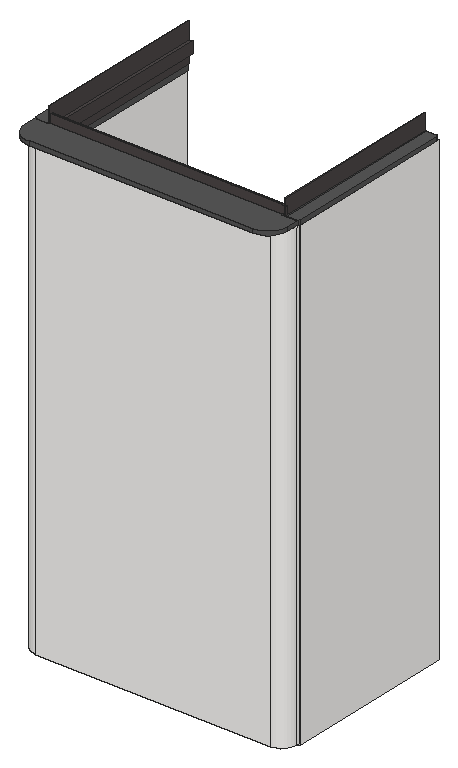
Revit family "vanity unit for handrinse basin, door hinge", category Furniture, Revit 2019
Family settings
  OmniClass Number = 23.45.00.00
  OmniClass Title = Sanitary, Laundry, and Cleaning Equipment
  Work Plane-Based = No
  Always vertical = Yes
  Cut with Voids When Loaded = No
  Shared = Yes
  Room Calculation Point = No
Parameters (values of type "Vanity unit 340_245 for handrinse basin, door hinge left-54011670-High Gloss White-MATT_BLACK-400")
  etim7_EC011381 = "EC011381"
  WEIGHT = "9.9"
  Vanity unit 340_245 for handrinse basin, door hinge right-54018700-Dark Walnut-MATT_WHITE-400_RX0RY0RZ0TX0TY0TZ0_V = no
  Vanity unit 340_245 for handrinse basin, door hinge right-54018700-Dark Walnut-MATT_WHITE-200_RX0RY0RZ0TX0TY0TZ0_V = no
  Vanity unit 340_245 for handrinse basin, door hinge right-54018670-Dark Walnut-MATT_BLACK-400_RX0RY0RZ0TX0TY0TZ0_V = no
  Vanity unit 340_245 for handrinse basin, door hinge right-54018670-Dark Walnut-MATT_BLACK-200_RX0RY0RZ0TX0TY0TZ0_V = no
  Vanity unit 340_245 for handrinse basin, door hinge right-54018000-Dark Walnut-CHROME-400_RX0RY0RZ0TX0TY0TZ0_V = no
  Vanity unit 340_245 for handrinse basin, door hinge right-54018000-Dark Walnut-CHROME-200_RX0RY0RZ0TX0TY0TZ0_V = no
  Vanity unit 340_245 for handrinse basin, door hinge right-54017700-Natural Oak-MATT_WHITE-400_RX0RY0RZ0TX0TY0TZ0_V = no
  Vanity unit 340_245 for handrinse basin, door hinge right-54017700-Natural Oak-MATT_WHITE-200_RX0RY0RZ0TX0TY0TZ0_V = no
  Vanity unit 340_245 for handrinse basin, door hinge right-54017670-Natural Oak-MATT_BLACK-400_RX0RY0RZ0TX0TY0TZ0_V = no
  Vanity unit 340_245 for handrinse basin, door hinge right-54017670-Natural Oak-MATT_BLACK-200_RX0RY0RZ0TX0TY0TZ0_V = no
  Vanity unit 340_245 for handrinse basin, door hinge right-54017000-Natural Oak-CHROME-400_RX0RY0RZ0TX0TY0TZ0_V = no
  Vanity unit 340_245 for handrinse basin, door hinge right-54017000-Natural Oak-CHROME-200_RX0RY0RZ0TX0TY0TZ0_V = no
  Vanity unit 340_245 for handrinse basin, door hinge right-54016700-Diamond Matt Grey-MATT_WHITE-400_RX0RY0RZ0TX0TY0TZ0_V = no
  Vanity unit 340_245 for handrinse basin, door hinge right-54016700-Diamond Matt Grey-MATT_WHITE-200_RX0RY0RZ0TX0TY0TZ0_V = no
  Vanity unit 340_245 for handrinse basin, door hinge right-54016670-Diamond Matt Grey-MATT_BLACK-400_RX0RY0RZ0TX0TY0TZ0_V = no
  Vanity unit 340_245 for handrinse basin, door hinge right-54016670-Diamond Matt Grey-MATT_BLACK-200_RX0RY0RZ0TX0TY0TZ0_V = no
  Vanity unit 340_245 for handrinse basin, door hinge right-54016000-Diamond Matt Grey-CHROME-400_RX0RY0RZ0TX0TY0TZ0_V = no
  Vanity unit 340_245 for handrinse basin, door hinge right-54016000-Diamond Matt Grey-CHROME-200_RX0RY0RZ0TX0TY0TZ0_V = no
  Vanity unit 340_245 for handrinse basin, door hinge right-54015700-High Gloss White-MATT_WHITE-400_RX0RY0RZ0TX0TY0TZ0_V = no
  Vanity unit 340_245 for handrinse basin, door hinge right-54015700-High Gloss White-MATT_WHITE-200_RX0RY0RZ0TX0TY0TZ0_V = no
  Vanity unit 340_245 for handrinse basin, door hinge right-54015670-High Gloss White-MATT_BLACK-400_RX0RY0RZ0TX0TY0TZ0_V = no
  Vanity unit 340_245 for handrinse basin, door hinge right-54015670-High Gloss White-MATT_BLACK-200_RX0RY0RZ0TX0TY0TZ0_V = no
  Vanity unit 340_245 for handrinse basin, door hinge right-54015000-High Gloss White-CHROME-400_RX0RY0RZ0TX0TY0TZ0_V = no
  Vanity unit 340_245 for handrinse basin, door hinge right-54015000-High Gloss White-CHROME-200_RX0RY0RZ0TX0TY0TZ0_V = no
  Vanity unit 340_245 for handrinse basin, door hinge left-54014700-Dark Walnut-MATT_WHITE-400_RX0RY0RZ0TX0TY0TZ0_V = no
  Vanity unit 340_245 for handrinse basin, door hinge left-54014700-Dark Walnut-MATT_WHITE-200_RX0RY0RZ0TX0TY0TZ0_V = no
  Vanity unit 340_245 for handrinse basin, door hinge left-54014670-Dark Walnut-MATT_BLACK-400_RX0RY0RZ0TX0TY0TZ0_V = no
  Vanity unit 340_245 for handrinse basin, door hinge left-54014670-Dark Walnut-MATT_BLACK-200_RX0RY0RZ0TX0TY0TZ0_V = no
  Vanity unit 340_245 for handrinse basin, door hinge left-54014000-Dark Walnut-CHROME-400_RX0RY0RZ0TX0TY0TZ0_V = no
  Vanity unit 340_245 for handrinse basin, door hinge left-54014000-Dark Walnut-CHROME-200_RX0RY0RZ0TX0TY0TZ0_V = no
  Vanity unit 340_245 for handrinse basin, door hinge left-54013700-Natural Oak-MATT_WHITE-400_RX0RY0RZ0TX0TY0TZ0_V = no
  Vanity unit 340_245 for handrinse basin, door hinge left-54013700-Natural Oak-MATT_WHITE-200_RX0RY0RZ0TX0TY0TZ0_V = no
  Vanity unit 340_245 for handrinse basin, door hinge left-54013670-Natural Oak-MATT_BLACK-400_RX0RY0RZ0TX0TY0TZ0_V = no
  Vanity unit 340_245 for handrinse basin, door hinge left-54013670-Natural Oak-MATT_BLACK-200_RX0RY0RZ0TX0TY0TZ0_V = no
  Vanity unit 340_245 for handrinse basin, door hinge left-54013000-Natural Oak-CHROME-400_RX0RY0RZ0TX0TY0TZ0_V = no
  Vanity unit 340_245 for handrinse basin, door hinge left-54013000-Natural Oak-CHROME-200_RX0RY0RZ0TX0TY0TZ0_V = no
  Vanity unit 340_245 for handrinse basin, door hinge left-54012700-Diamond Matt Grey-MATT_WHITE-400_RX0RY0RZ0TX0TY0TZ0_V = no
  Vanity unit 340_245 for handrinse basin, door hinge left-54012700-Diamond Matt Grey-MATT_WHITE-200_RX0RY0RZ0TX0TY0TZ0_V = no
  Vanity unit 340_245 for handrinse basin, door hinge left-54012670-Diamond Matt Grey-MATT_BLACK-400_RX0RY0RZ0TX0TY0TZ0_V = no
  Vanity unit 340_245 for handrinse basin, door hinge left-54012670-Diamond Matt Grey-MATT_BLACK-200_RX0RY0RZ0TX0TY0TZ0_V = no
  Vanity unit 340_245 for handrinse basin, door hinge left-54012000-Diamond Matt Grey-CHROME-400_RX0RY0RZ0TX0TY0TZ0_V = no
  Vanity unit 340_245 for handrinse basin, door hinge left-54012000-Diamond Matt Grey-CHROME-200_RX0RY0RZ0TX0TY0TZ0_V = no
  Vanity unit 340_245 for handrinse basin, door hinge left-54011700-High Gloss White-MATT_WHITE-400_RX0RY0RZ0TX0TY0TZ0_V = no
  Vanity unit 340_245 for handrinse basin, door hinge left-54011700-High Gloss White-MATT_WHITE-200_RX0RY0RZ0TX0TY0TZ0_V = no
  Vanity unit 340_245 for handrinse basin, door hinge left-54011670-High Gloss White-MATT_BLACK-400_RX0RY0RZ0TX0TY0TZ0_V = yes
  Vanity unit 340_245 for handrinse basin, door hinge left-54011670-High Gloss White-MATT_BLACK-200_RX0RY0RZ0TX0TY0TZ0_V = no
  Vanity unit 340_245 for handrinse basin, door hinge left-54011000-High Gloss White-CHROME-400_RX0RY0RZ0TX0TY0TZ0_V = no
  Vanity unit 340_245 for handrinse basin, door hinge left-54011000-High Gloss White-CHROME-200_RX0RY0RZ0TX0TY0TZ0_V = no
  UNSPSC = "56 | Furniture and Furnishings"
  UNIFORMATII = "E2010 | Fixed Furnishings"
  UNICLASS_2015_CODE = "40_30_78_05"
  UNICLASS2015 = "Pr_40_30_78_05 | Bathroom furniture"
  SURFACE = "MATT_BLACK"
  REGIONSET = "Worldwide"
  PRODUCTURL = "https://pro.hansgrohe.com/articledetail--54011000"
  PRODUCTGROUP = "vanity unit"
  PRODUCTFAMILY = "Xelu Q"
  PERMALINK = "54011XXX"
  OMNICLASS = "23-21 19 15 33 13 | Residential Bathroom Specialty Casework"
  OBJECTTYPE = "Object (single object)"
  OBERFLAECHE = "High Gloss White"
  NN = "Vanity Unit for handrinse basin, door hinge"
  NBSYN = "$BASENUMBER.-$ARTNR.-$OBERFLAECHE.-$SURFACE.-$LODLEVEL."
  NB = "Vanity unit 340/245 for handrinse basin, door hinge left-54011670-High Gloss White-MATT_BLACK-400"
  NAME = "Xelu Q Vanity unit High Gloss White 340/245 for handrinse basin, door hinge left"
  Model = "Vanity unit 340/245 for handrinse basin, door hinge left-54011670-High Gloss White-MATT_BLACK-400"
  Manufacturer = "Hansgrohe"
  MIdent = "{$CADENAS_DATA/23d-libs/hansgrohe/xelu_furniture/vanity_unit_with_door_hinge/vanity_unit_for_handrinse_basin_with_door_hing.prj},379 {VTYP=3D},{NB=Vanity unit 340/245 for handrinse basin, door hinge left-54011670-High Gloss White-MATT_BLACK-400},{LINA=Vanity unit 340/245 for handrinse basin, door hinge left-54011670-High Gloss White-MATT_BLACK-400},{NN=Vanity Unit for handrinse basin, door hinge},{DATE=13.03.2023 09:26:03},{GEOMDATE=13.03.2023 09:26:00},{VERSION=},{LINEID=30},{WBVAR=LODLEVEL},{WBNUMERIC=}  {NB=Vanity unit 340/245 for handrinse basin, door hinge left-54011670-High Gloss White-MATT_BLACK-400},{LINA=Vanity unit 340/245 for handrinse basin, door hinge left-54011670-High Gloss White-MATT_BLACK-400},{KT=DUMMY},{IDNR=3},{ARTNR=54011670},{BASENUMBER=Vanity unit 340/245 for handrinse basin, door hinge left},{MODEL=54011XXX},{OBERFLAECHE=High Gloss White},{SURFACE=MATT_BLACK},{L=340},{LODLEVEL=400},{LODLEVELX='400','400','200','200'},{NAME=Xelu Q Vanity unit High Gloss White 340/245 for handrinse basin, door hinge left},{PERMALINK=54011XXX},{OBJECTTYPE=Object (single object)},{BIMOBJECT=Sanitary: Compound units},{PRODUCTFAMILY=Xelu Q},{PRODUCTGROUP=vanity unit},{WEIGHT=9.9},{DESCRIPTION=Xelu Q Vanity unit High Gloss White 340/245 for handrinse basin, door hinge left},{SPECIFICATION=},{PRODUCTURL=https://pro.hansgrohe.com/articledetail--54011000},{GTINCODE=4059625455135},{TENDERURL=},{IFC=Furnishing element},{ETIM=EC011381 | Bathroom furniture set},{UNICLASS2015=Pr_40_30_78_05 | Bathroom furniture},{OMNICLASS=23-21 19 15 33 13 | Residential Bathroom Specialty Casework},{MASTERFORMAT=12 35 30.23 | Bathroom Casework},{UNSPSC=56 | Furniture and Furnishings},{UNIFORMATII=E2010 | Fixed Furnishings},{REGIONSET=Worldwide},{DESIGN=Germany},{MANUFACTURER=Germany}"
  MASTERFORMAT = "12 35 30.23 | Bathroom Casework"
  LODLEVEL = "400"
  LINA = "Vanity unit 340/245 for handrinse basin, door hinge left-54011670-High Gloss White-MATT_BLACK-400"
  L = 340
  IFC = "Furnishing element"
  GTINCODE = "4059625455135"
  ETIM = "EC011381 | Bathroom furniture set"
  DESIGN = "Germany"
  CATALOG = "Hansgrohe"
  BIMOBJECT = "Sanitary: Compound units"
  BASENUMBER = "Vanity unit 340/245 for handrinse basin, door hinge left"
  ARTNR = "54011670"
Reference planes
  plane 1 "Center (Front/Back)": y = 0
  plane 2: z = 0
  plane 3 "Center (Left/Right)": x = 0
Dimensions and locks
  aligned and locked: level to plane 2
Nested families
  nested 1: "vanity unit 340_245 for handrinse basin, door hinge left-54011000-high gloss white-chrome-200_content" at (0, 0, 0), visible <- "Vanity unit 340_245 for handrinse basin, door hinge left-54011000-High Gloss White-CHROME-200_RX0RY0RZ0TX0TY0TZ0_V", ContentVisible <- "Vanity unit 340_245 for handrinse basin, door hinge left-54011000-High Gloss White-CHROME-200_RX0RY0RZ0TX0TY0TZ0_V", type ""
    with ContentVisible no
  nested 2: "vanity unit 340_245 for handrinse basin, door hinge left-54011000-high gloss white-chrome-400_content" at (0, 0, 0), visible <- "Vanity unit 340_245 for handrinse basin, door hinge left-54011000-High Gloss White-CHROME-400_RX0RY0RZ0TX0TY0TZ0_V", ContentVisible <- "Vanity unit 340_245 for handrinse basin, door hinge left-54011000-High Gloss White-CHROME-400_RX0RY0RZ0TX0TY0TZ0_V", type ""
    with ContentVisible no
  nested 3: "vanity unit 340_245 for handrinse basin, door hinge left-54011670-high gloss white-matt_black-200_content" at (0, 0, 0), visible <- "Vanity unit 340_245 for handrinse basin, door hinge left-54011670-High Gloss White-MATT_BLACK-200_RX0RY0RZ0TX0TY0TZ0_V", ContentVisible <- "Vanity unit 340_245 for handrinse basin, door hinge left-54011670-High Gloss White-MATT_BLACK-200_RX0RY0RZ0TX0TY0TZ0_V", type ""
    with ContentVisible no
  nested 4: "vanity unit 340_245 for handrinse basin, door hinge left-54011670-high gloss white-matt_black-400_content" at (0, 0, 0), visible <- "Vanity unit 340_245 for handrinse basin, door hinge left-54011670-High Gloss White-MATT_BLACK-400_RX0RY0RZ0TX0TY0TZ0_V", ContentVisible <- "Vanity unit 340_245 for handrinse basin, door hinge left-54011670-High Gloss White-MATT_BLACK-400_RX0RY0RZ0TX0TY0TZ0_V", type "Vanity unit 340_245 for handrinse basin, door hinge left-54011670-High Gloss White-MATT_BLACK-400_Content"
    with ContentVisible yes
  nested 5: "vanity unit 340_245 for handrinse basin, door hinge left-54011700-high gloss white-matt_white-200_content" at (0, 0, 0), visible <- "Vanity unit 340_245 for handrinse basin, door hinge left-54011700-High Gloss White-MATT_WHITE-200_RX0RY0RZ0TX0TY0TZ0_V", ContentVisible <- "Vanity unit 340_245 for handrinse basin, door hinge left-54011700-High Gloss White-MATT_WHITE-200_RX0RY0RZ0TX0TY0TZ0_V", type ""
    with ContentVisible no
  nested 6: "vanity unit 340_245 for handrinse basin, door hinge left-54011700-high gloss white-matt_white-400_content" at (0, 0, 0), visible <- "Vanity unit 340_245 for handrinse basin, door hinge left-54011700-High Gloss White-MATT_WHITE-400_RX0RY0RZ0TX0TY0TZ0_V", ContentVisible <- "Vanity unit 340_245 for handrinse basin, door hinge left-54011700-High Gloss White-MATT_WHITE-400_RX0RY0RZ0TX0TY0TZ0_V", type ""
    with ContentVisible no
  nested 7: "vanity unit 340_245 for handrinse basin, door hinge left-54012000-diamond matt grey-chrome-200_content" at (0, 0, 0), visible <- "Vanity unit 340_245 for handrinse basin, door hinge left-54012000-Diamond Matt Grey-CHROME-200_RX0RY0RZ0TX0TY0TZ0_V", ContentVisible <- "Vanity unit 340_245 for handrinse basin, door hinge left-54012000-Diamond Matt Grey-CHROME-200_RX0RY0RZ0TX0TY0TZ0_V", type ""
    with ContentVisible no
  nested 8: "vanity unit 340_245 for handrinse basin, door hinge left-54012000-diamond matt grey-chrome-400_content" at (0, 0, 0), visible <- "Vanity unit 340_245 for handrinse basin, door hinge left-54012000-Diamond Matt Grey-CHROME-400_RX0RY0RZ0TX0TY0TZ0_V", ContentVisible <- "Vanity unit 340_245 for handrinse basin, door hinge left-54012000-Diamond Matt Grey-CHROME-400_RX0RY0RZ0TX0TY0TZ0_V", type ""
    with ContentVisible no
  nested 9: "vanity unit 340_245 for handrinse basin, door hinge left-54012670-diamond matt grey-matt_black-200_content" at (0, 0, 0), visible <- "Vanity unit 340_245 for handrinse basin, door hinge left-54012670-Diamond Matt Grey-MATT_BLACK-200_RX0RY0RZ0TX0TY0TZ0_V", ContentVisible <- "Vanity unit 340_245 for handrinse basin, door hinge left-54012670-Diamond Matt Grey-MATT_BLACK-200_RX0RY0RZ0TX0TY0TZ0_V", type ""
    with ContentVisible no
  nested 10: "vanity unit 340_245 for handrinse basin, door hinge left-54012670-diamond matt grey-matt_black-400_content" at (0, 0, 0), visible <- "Vanity unit 340_245 for handrinse basin, door hinge left-54012670-Diamond Matt Grey-MATT_BLACK-400_RX0RY0RZ0TX0TY0TZ0_V", ContentVisible <- "Vanity unit 340_245 for handrinse basin, door hinge left-54012670-Diamond Matt Grey-MATT_BLACK-400_RX0RY0RZ0TX0TY0TZ0_V", type ""
    with ContentVisible no
  nested 11: "vanity unit 340_245 for handrinse basin, door hinge left-54012700-diamond matt grey-matt_white-200_content" at (0, 0, 0), visible <- "Vanity unit 340_245 for handrinse basin, door hinge left-54012700-Diamond Matt Grey-MATT_WHITE-200_RX0RY0RZ0TX0TY0TZ0_V", ContentVisible <- "Vanity unit 340_245 for handrinse basin, door hinge left-54012700-Diamond Matt Grey-MATT_WHITE-200_RX0RY0RZ0TX0TY0TZ0_V", type ""
    with ContentVisible no
  nested 12: "vanity unit 340_245 for handrinse basin, door hinge left-54012700-diamond matt grey-matt_white-400_content" at (0, 0, 0), visible <- "Vanity unit 340_245 for handrinse basin, door hinge left-54012700-Diamond Matt Grey-MATT_WHITE-400_RX0RY0RZ0TX0TY0TZ0_V", ContentVisible <- "Vanity unit 340_245 for handrinse basin, door hinge left-54012700-Diamond Matt Grey-MATT_WHITE-400_RX0RY0RZ0TX0TY0TZ0_V", type ""
    with ContentVisible no
  nested 13: "vanity unit 340_245 for handrinse basin, door hinge left-54013000-natural oak-chrome-200_content" at (0, 0, 0), visible <- "Vanity unit 340_245 for handrinse basin, door hinge left-54013000-Natural Oak-CHROME-200_RX0RY0RZ0TX0TY0TZ0_V", ContentVisible <- "Vanity unit 340_245 for handrinse basin, door hinge left-54013000-Natural Oak-CHROME-200_RX0RY0RZ0TX0TY0TZ0_V", type ""
    with ContentVisible no
  nested 14: "vanity unit 340_245 for handrinse basin, door hinge left-54013000-natural oak-chrome-400_content" at (0, 0, 0), visible <- "Vanity unit 340_245 for handrinse basin, door hinge left-54013000-Natural Oak-CHROME-400_RX0RY0RZ0TX0TY0TZ0_V", ContentVisible <- "Vanity unit 340_245 for handrinse basin, door hinge left-54013000-Natural Oak-CHROME-400_RX0RY0RZ0TX0TY0TZ0_V", type ""
    with ContentVisible no
  nested 15: "vanity unit 340_245 for handrinse basin, door hinge left-54013670-natural oak-matt_black-200_content" at (0, 0, 0), visible <- "Vanity unit 340_245 for handrinse basin, door hinge left-54013670-Natural Oak-MATT_BLACK-200_RX0RY0RZ0TX0TY0TZ0_V", ContentVisible <- "Vanity unit 340_245 for handrinse basin, door hinge left-54013670-Natural Oak-MATT_BLACK-200_RX0RY0RZ0TX0TY0TZ0_V", type ""
    with ContentVisible no
  nested 16: "vanity unit 340_245 for handrinse basin, door hinge left-54013670-natural oak-matt_black-400_content" at (0, 0, 0), visible <- "Vanity unit 340_245 for handrinse basin, door hinge left-54013670-Natural Oak-MATT_BLACK-400_RX0RY0RZ0TX0TY0TZ0_V", ContentVisible <- "Vanity unit 340_245 for handrinse basin, door hinge left-54013670-Natural Oak-MATT_BLACK-400_RX0RY0RZ0TX0TY0TZ0_V", type ""
    with ContentVisible no
  nested 17: "vanity unit 340_245 for handrinse basin, door hinge left-54013700-natural oak-matt_white-200_content" at (0, 0, 0), visible <- "Vanity unit 340_245 for handrinse basin, door hinge left-54013700-Natural Oak-MATT_WHITE-200_RX0RY0RZ0TX0TY0TZ0_V", ContentVisible <- "Vanity unit 340_245 for handrinse basin, door hinge left-54013700-Natural Oak-MATT_WHITE-200_RX0RY0RZ0TX0TY0TZ0_V", type ""
    with ContentVisible no
  nested 18: "vanity unit 340_245 for handrinse basin, door hinge left-54013700-natural oak-matt_white-400_content" at (0, 0, 0), visible <- "Vanity unit 340_245 for handrinse basin, door hinge left-54013700-Natural Oak-MATT_WHITE-400_RX0RY0RZ0TX0TY0TZ0_V", ContentVisible <- "Vanity unit 340_245 for handrinse basin, door hinge left-54013700-Natural Oak-MATT_WHITE-400_RX0RY0RZ0TX0TY0TZ0_V", type ""
    with ContentVisible no
  nested 19: "vanity unit 340_245 for handrinse basin, door hinge left-54014000-dark walnut-chrome-200_content" at (0, 0, 0), visible <- "Vanity unit 340_245 for handrinse basin, door hinge left-54014000-Dark Walnut-CHROME-200_RX0RY0RZ0TX0TY0TZ0_V", ContentVisible <- "Vanity unit 340_245 for handrinse basin, door hinge left-54014000-Dark Walnut-CHROME-200_RX0RY0RZ0TX0TY0TZ0_V", type ""
    with ContentVisible no
  nested 20: "vanity unit 340_245 for handrinse basin, door hinge left-54014000-dark walnut-chrome-400_content" at (0, 0, 0), visible <- "Vanity unit 340_245 for handrinse basin, door hinge left-54014000-Dark Walnut-CHROME-400_RX0RY0RZ0TX0TY0TZ0_V", ContentVisible <- "Vanity unit 340_245 for handrinse basin, door hinge left-54014000-Dark Walnut-CHROME-400_RX0RY0RZ0TX0TY0TZ0_V", type ""
    with ContentVisible no
  nested 21: "vanity unit 340_245 for handrinse basin, door hinge left-54014670-dark walnut-matt_black-200_content" at (0, 0, 0), visible <- "Vanity unit 340_245 for handrinse basin, door hinge left-54014670-Dark Walnut-MATT_BLACK-200_RX0RY0RZ0TX0TY0TZ0_V", ContentVisible <- "Vanity unit 340_245 for handrinse basin, door hinge left-54014670-Dark Walnut-MATT_BLACK-200_RX0RY0RZ0TX0TY0TZ0_V", type ""
    with ContentVisible no
  nested 22: "vanity unit 340_245 for handrinse basin, door hinge left-54014670-dark walnut-matt_black-400_content" at (0, 0, 0), visible <- "Vanity unit 340_245 for handrinse basin, door hinge left-54014670-Dark Walnut-MATT_BLACK-400_RX0RY0RZ0TX0TY0TZ0_V", ContentVisible <- "Vanity unit 340_245 for handrinse basin, door hinge left-54014670-Dark Walnut-MATT_BLACK-400_RX0RY0RZ0TX0TY0TZ0_V", type ""
    with ContentVisible no
  nested 23: "vanity unit 340_245 for handrinse basin, door hinge left-54014700-dark walnut-matt_white-200_content" at (0, 0, 0), visible <- "Vanity unit 340_245 for handrinse basin, door hinge left-54014700-Dark Walnut-MATT_WHITE-200_RX0RY0RZ0TX0TY0TZ0_V", ContentVisible <- "Vanity unit 340_245 for handrinse basin, door hinge left-54014700-Dark Walnut-MATT_WHITE-200_RX0RY0RZ0TX0TY0TZ0_V", type ""
    with ContentVisible no
  nested 24: "vanity unit 340_245 for handrinse basin, door hinge left-54014700-dark walnut-matt_white-400_content" at (0, 0, 0), visible <- "Vanity unit 340_245 for handrinse basin, door hinge left-54014700-Dark Walnut-MATT_WHITE-400_RX0RY0RZ0TX0TY0TZ0_V", ContentVisible <- "Vanity unit 340_245 for handrinse basin, door hinge left-54014700-Dark Walnut-MATT_WHITE-400_RX0RY0RZ0TX0TY0TZ0_V", type ""
    with ContentVisible no
  nested 25: "vanity unit 340_245 for handrinse basin, door hinge right-54015000-high gloss white-chrome-200_content" at (0, 0, 0), visible <- "Vanity unit 340_245 for handrinse basin, door hinge right-54015000-High Gloss White-CHROME-200_RX0RY0RZ0TX0TY0TZ0_V", ContentVisible <- "Vanity unit 340_245 for handrinse basin, door hinge right-54015000-High Gloss White-CHROME-200_RX0RY0RZ0TX0TY0TZ0_V", type ""
    with ContentVisible no
  nested 26: "vanity unit 340_245 for handrinse basin, door hinge right-54015000-high gloss white-chrome-400_content" at (0, 0, 0), visible <- "Vanity unit 340_245 for handrinse basin, door hinge right-54015000-High Gloss White-CHROME-400_RX0RY0RZ0TX0TY0TZ0_V", ContentVisible <- "Vanity unit 340_245 for handrinse basin, door hinge right-54015000-High Gloss White-CHROME-400_RX0RY0RZ0TX0TY0TZ0_V", type ""
    with ContentVisible no
  nested 27: "vanity unit 340_245 for handrinse basin, door hinge right-54015670-high gloss white-matt_black-200_content" at (0, 0, 0), visible <- "Vanity unit 340_245 for handrinse basin, door hinge right-54015670-High Gloss White-MATT_BLACK-200_RX0RY0RZ0TX0TY0TZ0_V", ContentVisible <- "Vanity unit 340_245 for handrinse basin, door hinge right-54015670-High Gloss White-MATT_BLACK-200_RX0RY0RZ0TX0TY0TZ0_V", type ""
    with ContentVisible no
  nested 28: "vanity unit 340_245 for handrinse basin, door hinge right-54015670-high gloss white-matt_black-400_content" at (0, 0, 0), visible <- "Vanity unit 340_245 for handrinse basin, door hinge right-54015670-High Gloss White-MATT_BLACK-400_RX0RY0RZ0TX0TY0TZ0_V", ContentVisible <- "Vanity unit 340_245 for handrinse basin, door hinge right-54015670-High Gloss White-MATT_BLACK-400_RX0RY0RZ0TX0TY0TZ0_V", type ""
    with ContentVisible no
  nested 29: "vanity unit 340_245 for handrinse basin, door hinge right-54015700-high gloss white-matt_white-200_content" at (0, 0, 0), visible <- "Vanity unit 340_245 for handrinse basin, door hinge right-54015700-High Gloss White-MATT_WHITE-200_RX0RY0RZ0TX0TY0TZ0_V", ContentVisible <- "Vanity unit 340_245 for handrinse basin, door hinge right-54015700-High Gloss White-MATT_WHITE-200_RX0RY0RZ0TX0TY0TZ0_V", type ""
    with ContentVisible no
  nested 30: "vanity unit 340_245 for handrinse basin, door hinge right-54015700-high gloss white-matt_white-400_content" at (0, 0, 0), visible <- "Vanity unit 340_245 for handrinse basin, door hinge right-54015700-High Gloss White-MATT_WHITE-400_RX0RY0RZ0TX0TY0TZ0_V", ContentVisible <- "Vanity unit 340_245 for handrinse basin, door hinge right-54015700-High Gloss White-MATT_WHITE-400_RX0RY0RZ0TX0TY0TZ0_V", type ""
    with ContentVisible no
  nested 31: "vanity unit 340_245 for handrinse basin, door hinge right-54016000-diamond matt grey-chrome-200_content" at (0, 0, 0), visible <- "Vanity unit 340_245 for handrinse basin, door hinge right-54016000-Diamond Matt Grey-CHROME-200_RX0RY0RZ0TX0TY0TZ0_V", ContentVisible <- "Vanity unit 340_245 for handrinse basin, door hinge right-54016000-Diamond Matt Grey-CHROME-200_RX0RY0RZ0TX0TY0TZ0_V", type ""
    with ContentVisible no
  nested 32: "vanity unit 340_245 for handrinse basin, door hinge right-54016000-diamond matt grey-chrome-400_content" at (0, 0, 0), visible <- "Vanity unit 340_245 for handrinse basin, door hinge right-54016000-Diamond Matt Grey-CHROME-400_RX0RY0RZ0TX0TY0TZ0_V", ContentVisible <- "Vanity unit 340_245 for handrinse basin, door hinge right-54016000-Diamond Matt Grey-CHROME-400_RX0RY0RZ0TX0TY0TZ0_V", type ""
    with ContentVisible no
  nested 33: "vanity unit 340_245 for handrinse basin, door hinge right-54016670-diamond matt grey-matt_black-200_content" at (0, 0, 0), visible <- "Vanity unit 340_245 for handrinse basin, door hinge right-54016670-Diamond Matt Grey-MATT_BLACK-200_RX0RY0RZ0TX0TY0TZ0_V", ContentVisible <- "Vanity unit 340_245 for handrinse basin, door hinge right-54016670-Diamond Matt Grey-MATT_BLACK-200_RX0RY0RZ0TX0TY0TZ0_V", type ""
    with ContentVisible no
  nested 34: "vanity unit 340_245 for handrinse basin, door hinge right-54016670-diamond matt grey-matt_black-400_content" at (0, 0, 0), visible <- "Vanity unit 340_245 for handrinse basin, door hinge right-54016670-Diamond Matt Grey-MATT_BLACK-400_RX0RY0RZ0TX0TY0TZ0_V", ContentVisible <- "Vanity unit 340_245 for handrinse basin, door hinge right-54016670-Diamond Matt Grey-MATT_BLACK-400_RX0RY0RZ0TX0TY0TZ0_V", type ""
    with ContentVisible no
  nested 35: "vanity unit 340_245 for handrinse basin, door hinge right-54016700-diamond matt grey-matt_white-200_content" at (0, 0, 0), visible <- "Vanity unit 340_245 for handrinse basin, door hinge right-54016700-Diamond Matt Grey-MATT_WHITE-200_RX0RY0RZ0TX0TY0TZ0_V", ContentVisible <- "Vanity unit 340_245 for handrinse basin, door hinge right-54016700-Diamond Matt Grey-MATT_WHITE-200_RX0RY0RZ0TX0TY0TZ0_V", type ""
    with ContentVisible no
  nested 36: "vanity unit 340_245 for handrinse basin, door hinge right-54016700-diamond matt grey-matt_white-400_content" at (0, 0, 0), visible <- "Vanity unit 340_245 for handrinse basin, door hinge right-54016700-Diamond Matt Grey-MATT_WHITE-400_RX0RY0RZ0TX0TY0TZ0_V", ContentVisible <- "Vanity unit 340_245 for handrinse basin, door hinge right-54016700-Diamond Matt Grey-MATT_WHITE-400_RX0RY0RZ0TX0TY0TZ0_V", type ""
    with ContentVisible no
  nested 37: "vanity unit 340_245 for handrinse basin, door hinge right-54017000-natural oak-chrome-200_content" at (0, 0, 0), visible <- "Vanity unit 340_245 for handrinse basin, door hinge right-54017000-Natural Oak-CHROME-200_RX0RY0RZ0TX0TY0TZ0_V", ContentVisible <- "Vanity unit 340_245 for handrinse basin, door hinge right-54017000-Natural Oak-CHROME-200_RX0RY0RZ0TX0TY0TZ0_V", type ""
    with ContentVisible no
  nested 38: "vanity unit 340_245 for handrinse basin, door hinge right-54017000-natural oak-chrome-400_content" at (0, 0, 0), visible <- "Vanity unit 340_245 for handrinse basin, door hinge right-54017000-Natural Oak-CHROME-400_RX0RY0RZ0TX0TY0TZ0_V", ContentVisible <- "Vanity unit 340_245 for handrinse basin, door hinge right-54017000-Natural Oak-CHROME-400_RX0RY0RZ0TX0TY0TZ0_V", type ""
    with ContentVisible no
  nested 39: "vanity unit 340_245 for handrinse basin, door hinge right-54017670-natural oak-matt_black-200_content" at (0, 0, 0), visible <- "Vanity unit 340_245 for handrinse basin, door hinge right-54017670-Natural Oak-MATT_BLACK-200_RX0RY0RZ0TX0TY0TZ0_V", ContentVisible <- "Vanity unit 340_245 for handrinse basin, door hinge right-54017670-Natural Oak-MATT_BLACK-200_RX0RY0RZ0TX0TY0TZ0_V", type ""
    with ContentVisible no
  nested 40: "vanity unit 340_245 for handrinse basin, door hinge right-54017670-natural oak-matt_black-400_content" at (0, 0, 0), visible <- "Vanity unit 340_245 for handrinse basin, door hinge right-54017670-Natural Oak-MATT_BLACK-400_RX0RY0RZ0TX0TY0TZ0_V", ContentVisible <- "Vanity unit 340_245 for handrinse basin, door hinge right-54017670-Natural Oak-MATT_BLACK-400_RX0RY0RZ0TX0TY0TZ0_V", type ""
    with ContentVisible no
  nested 41: "vanity unit 340_245 for handrinse basin, door hinge right-54017700-natural oak-matt_white-200_content" at (0, 0, 0), visible <- "Vanity unit 340_245 for handrinse basin, door hinge right-54017700-Natural Oak-MATT_WHITE-200_RX0RY0RZ0TX0TY0TZ0_V", ContentVisible <- "Vanity unit 340_245 for handrinse basin, door hinge right-54017700-Natural Oak-MATT_WHITE-200_RX0RY0RZ0TX0TY0TZ0_V", type ""
    with ContentVisible no
  nested 42: "vanity unit 340_245 for handrinse basin, door hinge right-54017700-natural oak-matt_white-400_content" at (0, 0, 0), visible <- "Vanity unit 340_245 for handrinse basin, door hinge right-54017700-Natural Oak-MATT_WHITE-400_RX0RY0RZ0TX0TY0TZ0_V", ContentVisible <- "Vanity unit 340_245 for handrinse basin, door hinge right-54017700-Natural Oak-MATT_WHITE-400_RX0RY0RZ0TX0TY0TZ0_V", type ""
    with ContentVisible no
  nested 43: "vanity unit 340_245 for handrinse basin, door hinge right-54018000-dark walnut-chrome-200_content" at (0, 0, 0), visible <- "Vanity unit 340_245 for handrinse basin, door hinge right-54018000-Dark Walnut-CHROME-200_RX0RY0RZ0TX0TY0TZ0_V", ContentVisible <- "Vanity unit 340_245 for handrinse basin, door hinge right-54018000-Dark Walnut-CHROME-200_RX0RY0RZ0TX0TY0TZ0_V", type ""
    with ContentVisible no
  nested 44: "vanity unit 340_245 for handrinse basin, door hinge right-54018000-dark walnut-chrome-400_content" at (0, 0, 0), visible <- "Vanity unit 340_245 for handrinse basin, door hinge right-54018000-Dark Walnut-CHROME-400_RX0RY0RZ0TX0TY0TZ0_V", ContentVisible <- "Vanity unit 340_245 for handrinse basin, door hinge right-54018000-Dark Walnut-CHROME-400_RX0RY0RZ0TX0TY0TZ0_V", type ""
    with ContentVisible no
  nested 45: "vanity unit 340_245 for handrinse basin, door hinge right-54018670-dark walnut-matt_black-200_content" at (0, 0, 0), visible <- "Vanity unit 340_245 for handrinse basin, door hinge right-54018670-Dark Walnut-MATT_BLACK-200_RX0RY0RZ0TX0TY0TZ0_V", ContentVisible <- "Vanity unit 340_245 for handrinse basin, door hinge right-54018670-Dark Walnut-MATT_BLACK-200_RX0RY0RZ0TX0TY0TZ0_V", type ""
    with ContentVisible no
  nested 46: "vanity unit 340_245 for handrinse basin, door hinge right-54018670-dark walnut-matt_black-400_content" at (0, 0, 0), visible <- "Vanity unit 340_245 for handrinse basin, door hinge right-54018670-Dark Walnut-MATT_BLACK-400_RX0RY0RZ0TX0TY0TZ0_V", ContentVisible <- "Vanity unit 340_245 for handrinse basin, door hinge right-54018670-Dark Walnut-MATT_BLACK-400_RX0RY0RZ0TX0TY0TZ0_V", type ""
    with ContentVisible no
  nested 47: "vanity unit 340_245 for handrinse basin, door hinge right-54018700-dark walnut-matt_white-200_content" at (0, 0, 0), visible <- "Vanity unit 340_245 for handrinse basin, door hinge right-54018700-Dark Walnut-MATT_WHITE-200_RX0RY0RZ0TX0TY0TZ0_V", ContentVisible <- "Vanity unit 340_245 for handrinse basin, door hinge right-54018700-Dark Walnut-MATT_WHITE-200_RX0RY0RZ0TX0TY0TZ0_V", type ""
    with ContentVisible no
  nested 48: "vanity unit 340_245 for handrinse basin, door hinge right-54018700-dark walnut-matt_white-400_content" at (0, 0, 0), visible <- "Vanity unit 340_245 for handrinse basin, door hinge right-54018700-Dark Walnut-MATT_WHITE-400_RX0RY0RZ0TX0TY0TZ0_V", ContentVisible <- "Vanity unit 340_245 for handrinse basin, door hinge right-54018700-Dark Walnut-MATT_WHITE-400_RX0RY0RZ0TX0TY0TZ0_V", type ""
    with ContentVisible no
Definition of nested family "vanity unit 340_245 for handrinse basin, door hinge left-54011670-high gloss white-matt_black-400_content"
  Parameters (values of type "Vanity unit 340_245 for handrinse basin, door hinge left-54011670-High Gloss White-MATT_BLACK-400_Content")
    etim7_EC011381 = "EC011381"
    WEIGHT = "9.9"
    UNSPSC = "56 | Furniture and Furnishings"
    UNIFORMATII = "E2010 | Fixed Furnishings"
    UNICLASS_2015_CODE = "40_30_78_05"
    UNICLASS2015 = "Pr_40_30_78_05 | Bathroom furniture"
    SURFACE = "MATT_BLACK"
    REGIONSET = "Worldwide"
    PRODUCTURL = "https://pro.hansgrohe.com/articledetail--54011000"
    PRODUCTGROUP = "vanity unit"
    PRODUCTFAMILY = "Xelu Q"
    PERMALINK = "54011XXX"
    OMNICLASS = "23-21 19 15 33 13 | Residential Bathroom Specialty Casework"
    OBJECTTYPE = "Object (single object)"
    OBERFLAECHE = "High Gloss White"
    NN = "Vanity Unit for handrinse basin, door hinge"
    NBSYN = "$BASENUMBER.-$ARTNR.-$OBERFLAECHE.-$SURFACE.-$LODLEVEL."
    NB = "Vanity unit 340/245 for handrinse basin, door hinge left-54011670-High Gloss White-MATT_BLACK-400"
    NAME = "Xelu Q Vanity unit High Gloss White 340/245 for handrinse basin, door hinge left"
    Model = "Vanity unit 340/245 for handrinse basin, door hinge left-54011670-High Gloss White-MATT_BLACK-400"
    Manufacturer = "Hansgrohe"
    MASTERFORMAT = "12 35 30.23 | Bathroom Casework"
    LODLEVEL = "400"
    LINA = "Vanity unit 340/245 for handrinse basin, door hinge left-54011670-High Gloss White-MATT_BLACK-400"
    L = 340
    IFC = "Furnishing element"
    GTINCODE = "4059625455135"
    ETIM = "EC011381 | Bathroom furniture set"
    Default Elevation = 1219.2 mm
    DESIGN = "Germany"
    ContentVisible [instance] = yes
    CATALOG = "Hansgrohe"
    BIMOBJECT = "Sanitary: Compound units"
    BASENUMBER = "Vanity unit 340/245 for handrinse basin, door hinge left"
    ARTNR = "54011670"
  Reference planes
    plane 1 "Center (Front/Back)": y = 0
    plane 2: z = 0
    plane 3 "Center (Left/Right)": x = 0
  Forms (mm)
    Extrusion 1, solid, visible <- "ContentVisible", detail levels medium+fine
      sketch origin (0, 0, 0) x (1, 0, 0) y (0, 1, 0)
        loop
          line (-170, 0) -> (-170, -222)
          arc (-170, -222) -> (-169.121, -224.121) -> (-167, -225) r 3
          line (-167, -225) -> (-154, -225) -> (-154, 0) -> (-170, 0)
      from 0 to 600
    Extrusion 2, solid, visible <- "ContentVisible", detail levels medium+fine
      sketch origin (0, 0, 2) x (1, 0, 0) y (0, 1, 0)
        loop
          line (-154, -88) -> (-154, -225) -> (154, -225) -> (154, -88) -> (-154, -88)
      from 0 to 16
    Extrusion 3, solid, visible <- "ContentVisible", detail levels medium+fine
      sketch origin (0, 0, 0) x (1, 0, 0) y (0, 1, 0)
        loop
          line (154, 0) -> (154, -225) -> (167, -225)
          arc (167, -225) -> (169.121, -224.121) -> (170, -222) r 3
          line (170, -222) -> (170, 0) -> (154, 0)
      from 0 to 600
    Extrusion 4, solid, visible <- "ContentVisible", detail levels medium+fine
      sketch origin (0, 0, 2) x (1, 0, 0) y (0, 1, 0)
        loop
          line (-154, -72) -> (-154, -88) -> (154, -88) -> (154, -72) -> (-154, -72)
      from 0 to 126
    Extrusion 5, solid, visible <- "ContentVisible", detail levels medium+fine
      sketch origin (0, 0, 2) x (1, 0, 0) y (0, 1, 0)
        loop
          arc (-170, -227) -> (-164.435, -240.435) -> (-151, -246) r 19
          line (-151, -246) -> (151, -246)
          arc (151, -246) -> (164.435, -240.435) -> (170, -227) r 19
          line (170, -227) -> (170, -225) -> (-170, -225) -> (-170, -227)
      from 0 to 598
    Extrusion 6, solid, visible <- "ContentVisible", detail levels medium+fine
      sketch origin (0, 0, 600) x (1, 0, 0) y (0, 1, 0)
        loop
          line (-168.5, -225) -> (-168.5, -241)
          arc (-168.5, -241) -> (-161.178, -258.678) -> (-143.5, -266) r 25
          line (-143.5, -266) -> (143.5, -266)
          arc (143.5, -266) -> (161.178, -258.678) -> (168.5, -241) r 25
          line (168.5, -241) -> (168.5, -225) -> (148.5, -225) -> (148.5, -223.5) -> (-148.5, -223.5) -> (-148.5, -225) -> (-168.5, -225)
      from 0 to 5
    Extrusion 7, solid, visible <- "ContentVisible", detail levels medium+fine
      sketch origin (0, 0, 0) x (0, 0, -1) y (0, 1, 0)
        loop
          line (-600, -223.5) -> (-600, -225) -> (-570, -225) -> (-570, -223.5) -> (-600, -223.5)
      from -148.5 to 148.5
    Extrusion 8, solid, visible <- "ContentVisible", detail levels medium+fine
      sketch origin (0, 0, 0) x (1, 0, 0) y (0, 0, -1)
        loop
          line (-154, -566.8) -> (-154, -605) -> (-152.5, -605) -> (-152.5, -566.8) -> (-154, -566.8)
      from -225 to 0
    Extrusion 9, solid, visible <- "ContentVisible", detail levels medium+fine
      sketch origin (0, 0, 0) x (1, 0, 0) y (0, 0, -1)
        loop
          line (152.5, -566.8) -> (152.5, -605) -> (154, -605) -> (154, -566.8) -> (152.5, -566.8)
      from -225 to 0
    Extrusion 10, solid, visible <- "ContentVisible", detail levels medium+fine
      sketch origin (0, 0, 600) x (1, 0, 0) y (0, 1, 0)
        loop
          line (-170, -3) -> (-170, -222)
          arc (-170, -222) -> (-169.121, -224.121) -> (-167, -225) r 3
          line (-167, -225) -> (-154, -225) -> (-154, 0) -> (-167, 0)
          arc (-167, 0) -> (-169.121, -0.879) -> (-170, -3) r 3
      from 0 to 5
    Extrusion 11, solid, visible <- "ContentVisible", detail levels medium+fine
      sketch origin (0, 0, 600) x (1, 0, 0) y (0, 1, 0)
        loop
          line (154, 0) -> (154, -225) -> (167, -225)
          arc (167, -225) -> (169.121, -224.121) -> (170, -222) r 3
          line (170, -222) -> (170, -3)
          arc (170, -3) -> (169.121, -0.879) -> (167, 0) r 3
          line (167, 0) -> (154, 0)
      from 0 to 5
    Extrusion 12, solid, visible <- "ContentVisible", detail levels medium+fine
      sketch origin (0, 0, 0) x (1, 0, 0) y (0, 0, -1)
        loop
          line (-152.5, -575.3) -> (-152.5, -624.5) -> (-151, -624.5) -> (-151, -602.8) -> (-146.4, -602.8) -> (-146.4, -588.3) -> (-151, -588.3) -> (-151, -575.3) -> (-152.5, -575.3)
      from -223.5 to 0
    Extrusion 13, solid, visible <- "ContentVisible", detail levels medium+fine
      sketch origin (0, 0, 0) x (1, 0, 0) y (0, 0, -1)
        loop
          line (146.4, -588.3) -> (146.4, -602.8) -> (151, -602.8) -> (151, -624.5) -> (152.5, -624.5) -> (152.5, -575.3) -> (151, -575.3) -> (151, -588.3) -> (146.4, -588.3)
      from -223.5 to 0
    Extrusion 14, solid, visible <- "ContentVisible", detail levels medium+fine
      sketch origin (0, 0, 0) x (0, 0, -1) y (0, 1, 0)
        loop
          line (-616, -223.5) -> (-567, -223.5) -> (-567, -222) -> (-588.5, -222) -> (-588.5, -217.4) -> (-603, -217.4) -> (-603, -222) -> (-616, -222) -> (-616, -223.5)
      from -152.5 to 152.5
    Extrusion 15, solid, visible <- "ContentVisible", detail levels coarse
      sketch origin (0, -133, 0) x (1, 0, 0) y (0, 1, 0)
        loop
          line (-170, -133) -> (170, -133) -> (170, 133) -> (-170, 133) -> (-170, -133)
      from 0 to 624.5
  Dimensions and locks
    aligned and locked: level to plane 2
Definition of nested family "vanity unit 340_245 for handrinse basin, door hinge left-54011000-high gloss white-chrome-200_content"
  Parameters (values of type "Vanity unit 340_245 for handrinse basin, door hinge left-54011000-High Gloss White-CHROME-200_Content")
    etim7_EC011381 = "EC011381"
    WEIGHT = "9.9"
    UNSPSC = "56 | Furniture and Furnishings"
    UNIFORMATII = "E2010 | Fixed Furnishings"
    UNICLASS_2015_CODE = "40_30_78_05"
    UNICLASS2015 = "Pr_40_30_78_05 | Bathroom furniture"
    SURFACE = "CHROME"
    REGIONSET = "Worldwide"
    PRODUCTURL = "https://pro.hansgrohe.com/articledetail--54011000"
    PRODUCTGROUP = "vanity unit"
    PRODUCTFAMILY = "Xelu Q"
    PERMALINK = "54011XXX"
    OMNICLASS = "23-21 19 15 33 13 | Residential Bathroom Specialty Casework"
    OBJECTTYPE = "Object (single object)"
    OBERFLAECHE = "High Gloss White"
    NN = "Vanity Unit for handrinse basin, door hinge"
    NBSYN = "$BASENUMBER.-$ARTNR.-$OBERFLAECHE.-$SURFACE.-$LODLEVEL."
    NB = "Vanity unit 340/245 for handrinse basin, door hinge left-54011000-High Gloss White-CHROME-200"
    NAME = "Xelu Q Vanity unit High Gloss White 340/245 for handrinse basin, door hinge left"
    Model = "Vanity unit 340/245 for handrinse basin, door hinge left-54011000-High Gloss White-CHROME-200"
    Manufacturer = "Hansgrohe"
    MASTERFORMAT = "12 35 30.23 | Bathroom Casework"
    LODLEVEL = "200"
    LINA = "Vanity unit 340/245 for handrinse basin, door hinge left-54011000-High Gloss White-CHROME-200"
    L = 340
    IFC = "Furnishing element"
    GTINCODE = "4059625455135"
    ETIM = "EC011381 | Bathroom furniture set"
    Default Elevation = 1219.2 mm
    DESIGN = "Germany"
    ContentVisible [instance] = yes
    CATALOG = "Hansgrohe"
    BIMOBJECT = "Sanitary: Compound units"
    BASENUMBER = "Vanity unit 340/245 for handrinse basin, door hinge left"
    ARTNR = "54011000"
  Reference planes
    plane 1 "Center (Front/Back)": y = 0
    plane 2: z = 0
    plane 3 "Center (Left/Right)": x = 0
  Forms (mm)
    Extrusion 1, solid, visible <- "ContentVisible", detail levels medium+fine
      sketch origin (0, 0, 0) x (1, 0, 0) y (0, 1, 0)
        loop
          line (-170, 0) -> (-170, -246) -> (170, -246) -> (170, 0) -> (154, 0) -> (154, -72) -> (-154, -72) -> (-154, 0) -> (-170, 0)
      from 0 to 600
    Extrusion 2, solid, visible <- "ContentVisible", detail levels medium+fine
      sketch origin (0, 0, 600) x (1, 0, 0) y (0, 1, 0)
        loop
          line (-168.5, -223.5) -> (-168.5, -266) -> (168.5, -266) -> (168.5, -223.5) -> (-168.5, -223.5)
      from 0 to 5
    Extrusion 3, solid, visible <- "ContentVisible", detail levels medium+fine
      sketch origin (0, 0, 0) x (1, 0, 0) y (0, 0, -1)
        loop
          line (-154, -566.8) -> (-154, -605) -> (-152.5, -605) -> (-152.5, -566.8) -> (-154, -566.8)
      from -225 to 0
    Extrusion 4, solid, visible <- "ContentVisible", detail levels medium+fine
      sketch origin (0, 0, 0) x (1, 0, 0) y (0, 0, -1)
        loop
          line (152.5, -566.8) -> (152.5, -605) -> (154, -605) -> (154, -566.8) -> (152.5, -566.8)
      from -225 to 0
    Extrusion 5, solid, visible <- "ContentVisible", detail levels medium+fine
      sketch origin (0, 0, 600) x (1, 0, 0) y (0, 1, 0)
        loop
          line (-170, 0) -> (-170, -225) -> (-154, -225) -> (-154, 0) -> (-170, 0)
      from 0 to 5
    Extrusion 6, solid, visible <- "ContentVisible", detail levels medium+fine
      sketch origin (0, 0, 600) x (1, 0, 0) y (0, 1, 0)
        loop
          line (154, 0) -> (154, -225) -> (170, -225) -> (170, 0) -> (154, 0)
      from 0 to 5
    Extrusion 7, solid, visible <- "ContentVisible", detail levels medium+fine
      sketch origin (0, 0, 0) x (1, 0, 0) y (0, 0, -1)
        loop
          line (-152.5, -575.3) -> (-152.5, -624.5) -> (-146.4, -624.5) -> (-146.4, -575.3) -> (-152.5, -575.3)
      from -223.5 to 0
    Extrusion 8, solid, visible <- "ContentVisible", detail levels medium+fine
      sketch origin (0, 0, 0) x (1, 0, 0) y (0, 0, -1)
        loop
          line (146.4, -575.3) -> (146.4, -624.5) -> (152.5, -624.5) -> (152.5, -575.3) -> (146.4, -575.3)
      from -223.5 to 0
    Extrusion 9, solid, visible <- "ContentVisible", detail levels medium+fine
      sketch origin (0, 0, 0) x (0, 0, -1) y (0, 1, 0)
        loop
          line (-616, -223.5) -> (-567, -223.5) -> (-567, -217.4) -> (-616, -217.4) -> (-616, -223.5)
      from -152.5 to 152.5
    Extrusion 10, solid, visible <- "ContentVisible", detail levels coarse
      sketch origin (0, -133, 0) x (1, 0, 0) y (0, 1, 0)
        loop
          line (-170, -133) -> (170, -133) -> (170, 133) -> (-170, 133) -> (-170, -133)
      from 0 to 624.5
  Dimensions and locks
    aligned and locked: level to plane 2
Definition of nested family "vanity unit 340_245 for handrinse basin, door hinge left-54011000-high gloss white-chrome-400_content"
  Parameters (values of type "Vanity unit 340_245 for handrinse basin, door hinge left-54011000-High Gloss White-CHROME-400_Content")
    etim7_EC011381 = "EC011381"
    WEIGHT = "9.9"
    UNSPSC = "56 | Furniture and Furnishings"
    UNIFORMATII = "E2010 | Fixed Furnishings"
    UNICLASS_2015_CODE = "40_30_78_05"
    UNICLASS2015 = "Pr_40_30_78_05 | Bathroom furniture"
    SURFACE = "CHROME"
    REGIONSET = "Worldwide"
    PRODUCTURL = "https://pro.hansgrohe.com/articledetail--54011000"
    PRODUCTGROUP = "vanity unit"
    PRODUCTFAMILY = "Xelu Q"
    PERMALINK = "54011XXX"
    OMNICLASS = "23-21 19 15 33 13 | Residential Bathroom Specialty Casework"
    OBJECTTYPE = "Object (single object)"
    OBERFLAECHE = "High Gloss White"
    NN = "Vanity Unit for handrinse basin, door hinge"
    NBSYN = "$BASENUMBER.-$ARTNR.-$OBERFLAECHE.-$SURFACE.-$LODLEVEL."
    NB = "Vanity unit 340/245 for handrinse basin, door hinge left-54011000-High Gloss White-CHROME-400"
    NAME = "Xelu Q Vanity unit High Gloss White 340/245 for handrinse basin, door hinge left"
    Model = "Vanity unit 340/245 for handrinse basin, door hinge left-54011000-High Gloss White-CHROME-400"
    Manufacturer = "Hansgrohe"
    MASTERFORMAT = "12 35 30.23 | Bathroom Casework"
    LODLEVEL = "400"
    LINA = "Vanity unit 340/245 for handrinse basin, door hinge left-54011000-High Gloss White-CHROME-400"
    L = 340
    IFC = "Furnishing element"
    GTINCODE = "4059625455135"
    ETIM = "EC011381 | Bathroom furniture set"
    Default Elevation = 1219.2 mm
    DESIGN = "Germany"
    ContentVisible [instance] = yes
    CATALOG = "Hansgrohe"
    BIMOBJECT = "Sanitary: Compound units"
    BASENUMBER = "Vanity unit 340/245 for handrinse basin, door hinge left"
    ARTNR = "54011000"
  Reference planes
    plane 1 "Center (Front/Back)": y = 0
    plane 2: z = 0
    plane 3 "Center (Left/Right)": x = 0
  Forms (mm)
    Extrusion 1, solid, visible <- "ContentVisible", detail levels medium+fine
      sketch origin (0, 0, 0) x (1, 0, 0) y (0, 1, 0)
        loop
          line (-170, 0) -> (-170, -222)
          arc (-170, -222) -> (-169.121, -224.121) -> (-167, -225) r 3
          line (-167, -225) -> (-154, -225) -> (-154, 0) -> (-170, 0)
      from 0 to 600
    Extrusion 2, solid, visible <- "ContentVisible", detail levels medium+fine
      sketch origin (0, 0, 2) x (1, 0, 0) y (0, 1, 0)
        loop
          line (-154, -88) -> (-154, -225) -> (154, -225) -> (154, -88) -> (-154, -88)
      from 0 to 16
    Extrusion 3, solid, visible <- "ContentVisible", detail levels medium+fine
      sketch origin (0, 0, 0) x (1, 0, 0) y (0, 1, 0)
        loop
          line (154, 0) -> (154, -225) -> (167, -225)
          arc (167, -225) -> (169.121, -224.121) -> (170, -222) r 3
          line (170, -222) -> (170, 0) -> (154, 0)
      from 0 to 600
    Extrusion 4, solid, visible <- "ContentVisible", detail levels medium+fine
      sketch origin (0, 0, 2) x (1, 0, 0) y (0, 1, 0)
        loop
          line (-154, -72) -> (-154, -88) -> (154, -88) -> (154, -72) -> (-154, -72)
      from 0 to 126
    Extrusion 5, solid, visible <- "ContentVisible", detail levels medium+fine
      sketch origin (0, 0, 2) x (1, 0, 0) y (0, 1, 0)
        loop
          arc (-170, -227) -> (-164.435, -240.435) -> (-151, -246) r 19
          line (-151, -246) -> (151, -246)
          arc (151, -246) -> (164.435, -240.435) -> (170, -227) r 19
          line (170, -227) -> (170, -225) -> (-170, -225) -> (-170, -227)
      from 0 to 598
    Extrusion 6, solid, visible <- "ContentVisible", detail levels medium+fine
      sketch origin (0, 0, 600) x (1, 0, 0) y (0, 1, 0)
        loop
          line (-168.5, -225) -> (-168.5, -241)
          arc (-168.5, -241) -> (-161.178, -258.678) -> (-143.5, -266) r 25
          line (-143.5, -266) -> (143.5, -266)
          arc (143.5, -266) -> (161.178, -258.678) -> (168.5, -241) r 25
          line (168.5, -241) -> (168.5, -225) -> (148.5, -225) -> (148.5, -223.5) -> (-148.5, -223.5) -> (-148.5, -225) -> (-168.5, -225)
      from 0 to 5
    Extrusion 7, solid, visible <- "ContentVisible", detail levels medium+fine
      sketch origin (0, 0, 0) x (0, 0, -1) y (0, 1, 0)
        loop
          line (-600, -223.5) -> (-600, -225) -> (-570, -225) -> (-570, -223.5) -> (-600, -223.5)
      from -148.5 to 148.5
    Extrusion 8, solid, visible <- "ContentVisible", detail levels medium+fine
      sketch origin (0, 0, 0) x (1, 0, 0) y (0, 0, -1)
        loop
          line (-154, -566.8) -> (-154, -605) -> (-152.5, -605) -> (-152.5, -566.8) -> (-154, -566.8)
      from -225 to 0
    Extrusion 9, solid, visible <- "ContentVisible", detail levels medium+fine
      sketch origin (0, 0, 0) x (1, 0, 0) y (0, 0, -1)
        loop
          line (152.5, -566.8) -> (152.5, -605) -> (154, -605) -> (154, -566.8) -> (152.5, -566.8)
      from -225 to 0
    Extrusion 10, solid, visible <- "ContentVisible", detail levels medium+fine
      sketch origin (0, 0, 600) x (1, 0, 0) y (0, 1, 0)
        loop
          line (-170, -3) -> (-170, -222)
          arc (-170, -222) -> (-169.121, -224.121) -> (-167, -225) r 3
          line (-167, -225) -> (-154, -225) -> (-154, 0) -> (-167, 0)
          arc (-167, 0) -> (-169.121, -0.879) -> (-170, -3) r 3
      from 0 to 5
    Extrusion 11, solid, visible <- "ContentVisible", detail levels medium+fine
      sketch origin (0, 0, 600) x (1, 0, 0) y (0, 1, 0)
        loop
          line (154, 0) -> (154, -225) -> (167, -225)
          arc (167, -225) -> (169.121, -224.121) -> (170, -222) r 3
          line (170, -222) -> (170, -3)
          arc (170, -3) -> (169.121, -0.879) -> (167, 0) r 3
          line (167, 0) -> (154, 0)
      from 0 to 5
    Extrusion 12, solid, visible <- "ContentVisible", detail levels medium+fine
      sketch origin (0, 0, 0) x (1, 0, 0) y (0, 0, -1)
        loop
          line (-152.5, -575.3) -> (-152.5, -624.5) -> (-151, -624.5) -> (-151, -602.8) -> (-146.4, -602.8) -> (-146.4, -588.3) -> (-151, -588.3) -> (-151, -575.3) -> (-152.5, -575.3)
      from -223.5 to 0
    Extrusion 13, solid, visible <- "ContentVisible", detail levels medium+fine
      sketch origin (0, 0, 0) x (1, 0, 0) y (0, 0, -1)
        loop
          line (146.4, -588.3) -> (146.4, -602.8) -> (151, -602.8) -> (151, -624.5) -> (152.5, -624.5) -> (152.5, -575.3) -> (151, -575.3) -> (151, -588.3) -> (146.4, -588.3)
      from -223.5 to 0
    Extrusion 14, solid, visible <- "ContentVisible", detail levels medium+fine
      sketch origin (0, 0, 0) x (0, 0, -1) y (0, 1, 0)
        loop
          line (-616, -223.5) -> (-567, -223.5) -> (-567, -222) -> (-588.5, -222) -> (-588.5, -217.4) -> (-603, -217.4) -> (-603, -222) -> (-616, -222) -> (-616, -223.5)
      from -152.5 to 152.5
    Extrusion 15, solid, visible <- "ContentVisible", detail levels coarse
      sketch origin (0, -133, 0) x (1, 0, 0) y (0, 1, 0)
        loop
          line (-170, -133) -> (170, -133) -> (170, 133) -> (-170, 133) -> (-170, -133)
      from 0 to 624.5
  Dimensions and locks
    aligned and locked: level to plane 2
Definition of nested family "vanity unit 340_245 for handrinse basin, door hinge left-54011670-high gloss white-matt_black-200_content"
  Parameters (values of type "Vanity unit 340_245 for handrinse basin, door hinge left-54011670-High Gloss White-MATT_BLACK-200_Content")
    etim7_EC011381 = "EC011381"
    WEIGHT = "9.9"
    UNSPSC = "56 | Furniture and Furnishings"
    UNIFORMATII = "E2010 | Fixed Furnishings"
    UNICLASS_2015_CODE = "40_30_78_05"
    UNICLASS2015 = "Pr_40_30_78_05 | Bathroom furniture"
    SURFACE = "MATT_BLACK"
    REGIONSET = "Worldwide"
    PRODUCTURL = "https://pro.hansgrohe.com/articledetail--54011000"
    PRODUCTGROUP = "vanity unit"
    PRODUCTFAMILY = "Xelu Q"
    PERMALINK = "54011XXX"
    OMNICLASS = "23-21 19 15 33 13 | Residential Bathroom Specialty Casework"
    OBJECTTYPE = "Object (single object)"
    OBERFLAECHE = "High Gloss White"
    NN = "Vanity Unit for handrinse basin, door hinge"
    NBSYN = "$BASENUMBER.-$ARTNR.-$OBERFLAECHE.-$SURFACE.-$LODLEVEL."
    NB = "Vanity unit 340/245 for handrinse basin, door hinge left-54011670-High Gloss White-MATT_BLACK-200"
    NAME = "Xelu Q Vanity unit High Gloss White 340/245 for handrinse basin, door hinge left"
    Model = "Vanity unit 340/245 for handrinse basin, door hinge left-54011670-High Gloss White-MATT_BLACK-200"
    Manufacturer = "Hansgrohe"
    MASTERFORMAT = "12 35 30.23 | Bathroom Casework"
    LODLEVEL = "200"
    LINA = "Vanity unit 340/245 for handrinse basin, door hinge left-54011670-High Gloss White-MATT_BLACK-200"
    L = 340
    IFC = "Furnishing element"
    GTINCODE = "4059625455135"
    ETIM = "EC011381 | Bathroom furniture set"
    Default Elevation = 1219.2 mm
    DESIGN = "Germany"
    ContentVisible [instance] = yes
    CATALOG = "Hansgrohe"
    BIMOBJECT = "Sanitary: Compound units"
    BASENUMBER = "Vanity unit 340/245 for handrinse basin, door hinge left"
    ARTNR = "54011670"
  Reference planes
    plane 1 "Center (Front/Back)": y = 0
    plane 2: z = 0
    plane 3 "Center (Left/Right)": x = 0
  Forms (mm)
    Extrusion 1, solid, visible <- "ContentVisible", detail levels medium+fine
      sketch origin (0, 0, 0) x (1, 0, 0) y (0, 1, 0)
        loop
          line (-170, 0) -> (-170, -246) -> (170, -246) -> (170, 0) -> (154, 0) -> (154, -72) -> (-154, -72) -> (-154, 0) -> (-170, 0)
      from 0 to 600
    Extrusion 2, solid, visible <- "ContentVisible", detail levels medium+fine
      sketch origin (0, 0, 600) x (1, 0, 0) y (0, 1, 0)
        loop
          line (-168.5, -223.5) -> (-168.5, -266) -> (168.5, -266) -> (168.5, -223.5) -> (-168.5, -223.5)
      from 0 to 5
    Extrusion 3, solid, visible <- "ContentVisible", detail levels medium+fine
      sketch origin (0, 0, 0) x (1, 0, 0) y (0, 0, -1)
        loop
          line (-154, -566.8) -> (-154, -605) -> (-152.5, -605) -> (-152.5, -566.8) -> (-154, -566.8)
      from -225 to 0
    Extrusion 4, solid, visible <- "ContentVisible", detail levels medium+fine
      sketch origin (0, 0, 0) x (1, 0, 0) y (0, 0, -1)
        loop
          line (152.5, -566.8) -> (152.5, -605) -> (154, -605) -> (154, -566.8) -> (152.5, -566.8)
      from -225 to 0
    Extrusion 5, solid, visible <- "ContentVisible", detail levels medium+fine
      sketch origin (0, 0, 600) x (1, 0, 0) y (0, 1, 0)
        loop
          line (-170, 0) -> (-170, -225) -> (-154, -225) -> (-154, 0) -> (-170, 0)
      from 0 to 5
    Extrusion 6, solid, visible <- "ContentVisible", detail levels medium+fine
      sketch origin (0, 0, 600) x (1, 0, 0) y (0, 1, 0)
        loop
          line (154, 0) -> (154, -225) -> (170, -225) -> (170, 0) -> (154, 0)
      from 0 to 5
    Extrusion 7, solid, visible <- "ContentVisible", detail levels medium+fine
      sketch origin (0, 0, 0) x (1, 0, 0) y (0, 0, -1)
        loop
          line (-152.5, -575.3) -> (-152.5, -624.5) -> (-146.4, -624.5) -> (-146.4, -575.3) -> (-152.5, -575.3)
      from -223.5 to 0
    Extrusion 8, solid, visible <- "ContentVisible", detail levels medium+fine
      sketch origin (0, 0, 0) x (1, 0, 0) y (0, 0, -1)
        loop
          line (146.4, -575.3) -> (146.4, -624.5) -> (152.5, -624.5) -> (152.5, -575.3) -> (146.4, -575.3)
      from -223.5 to 0
    Extrusion 9, solid, visible <- "ContentVisible", detail levels medium+fine
      sketch origin (0, 0, 0) x (0, 0, -1) y (0, 1, 0)
        loop
          line (-616, -223.5) -> (-567, -223.5) -> (-567, -217.4) -> (-616, -217.4) -> (-616, -223.5)
      from -152.5 to 152.5
    Extrusion 10, solid, visible <- "ContentVisible", detail levels coarse
      sketch origin (0, -133, 0) x (1, 0, 0) y (0, 1, 0)
        loop
          line (-170, -133) -> (170, -133) -> (170, 133) -> (-170, 133) -> (-170, -133)
      from 0 to 624.5
  Dimensions and locks
    aligned and locked: level to plane 2
Definition of nested family "vanity unit 340_245 for handrinse basin, door hinge left-54011700-high gloss white-matt_white-200_content"
  Parameters (values of type "Vanity unit 340_245 for handrinse basin, door hinge left-54011700-High Gloss White-MATT_WHITE-200_Content")
    etim7_EC011381 = "EC011381"
    WEIGHT = "9.9"
    UNSPSC = "56 | Furniture and Furnishings"
    UNIFORMATII = "E2010 | Fixed Furnishings"
    UNICLASS_2015_CODE = "40_30_78_05"
    UNICLASS2015 = "Pr_40_30_78_05 | Bathroom furniture"
    SURFACE = "MATT_WHITE"
    REGIONSET = "Worldwide"
    PRODUCTURL = "https://pro.hansgrohe.com/articledetail--54011000"
    PRODUCTGROUP = "vanity unit"
    PRODUCTFAMILY = "Xelu Q"
    PERMALINK = "54011XXX"
    OMNICLASS = "23-21 19 15 33 13 | Residential Bathroom Specialty Casework"
    OBJECTTYPE = "Object (single object)"
    OBERFLAECHE = "High Gloss White"
    NN = "Vanity Unit for handrinse basin, door hinge"
    NBSYN = "$BASENUMBER.-$ARTNR.-$OBERFLAECHE.-$SURFACE.-$LODLEVEL."
    NB = "Vanity unit 340/245 for handrinse basin, door hinge left-54011700-High Gloss White-MATT_WHITE-200"
    NAME = "Xelu Q Vanity unit High Gloss White 340/245 for handrinse basin, door hinge left"
    Model = "Vanity unit 340/245 for handrinse basin, door hinge left-54011700-High Gloss White-MATT_WHITE-200"
    Manufacturer = "Hansgrohe"
    MASTERFORMAT = "12 35 30.23 | Bathroom Casework"
    LODLEVEL = "200"
    LINA = "Vanity unit 340/245 for handrinse basin, door hinge left-54011700-High Gloss White-MATT_WHITE-200"
    L = 340
    IFC = "Furnishing element"
    GTINCODE = "4059625455135"
    ETIM = "EC011381 | Bathroom furniture set"
    Default Elevation = 1219.2 mm
    DESIGN = "Germany"
    ContentVisible [instance] = yes
    CATALOG = "Hansgrohe"
    BIMOBJECT = "Sanitary: Compound units"
    BASENUMBER = "Vanity unit 340/245 for handrinse basin, door hinge left"
    ARTNR = "54011700"
  Reference planes
    plane 1 "Center (Front/Back)": y = 0
    plane 2: z = 0
    plane 3 "Center (Left/Right)": x = 0
  Forms (mm)
    Extrusion 1, solid, visible <- "ContentVisible", detail levels medium+fine
      sketch origin (0, 0, 0) x (1, 0, 0) y (0, 1, 0)
        loop
          line (-170, 0) -> (-170, -246) -> (170, -246) -> (170, 0) -> (154, 0) -> (154, -72) -> (-154, -72) -> (-154, 0) -> (-170, 0)
      from 0 to 600
    Extrusion 2, solid, visible <- "ContentVisible", detail levels medium+fine
      sketch origin (0, 0, 600) x (1, 0, 0) y (0, 1, 0)
        loop
          line (-168.5, -223.5) -> (-168.5, -266) -> (168.5, -266) -> (168.5, -223.5) -> (-168.5, -223.5)
      from 0 to 5
    Extrusion 3, solid, visible <- "ContentVisible", detail levels medium+fine
      sketch origin (0, 0, 0) x (1, 0, 0) y (0, 0, -1)
        loop
          line (-154, -566.8) -> (-154, -605) -> (-152.5, -605) -> (-152.5, -566.8) -> (-154, -566.8)
      from -225 to 0
    Extrusion 4, solid, visible <- "ContentVisible", detail levels medium+fine
      sketch origin (0, 0, 0) x (1, 0, 0) y (0, 0, -1)
        loop
          line (152.5, -566.8) -> (152.5, -605) -> (154, -605) -> (154, -566.8) -> (152.5, -566.8)
      from -225 to 0
